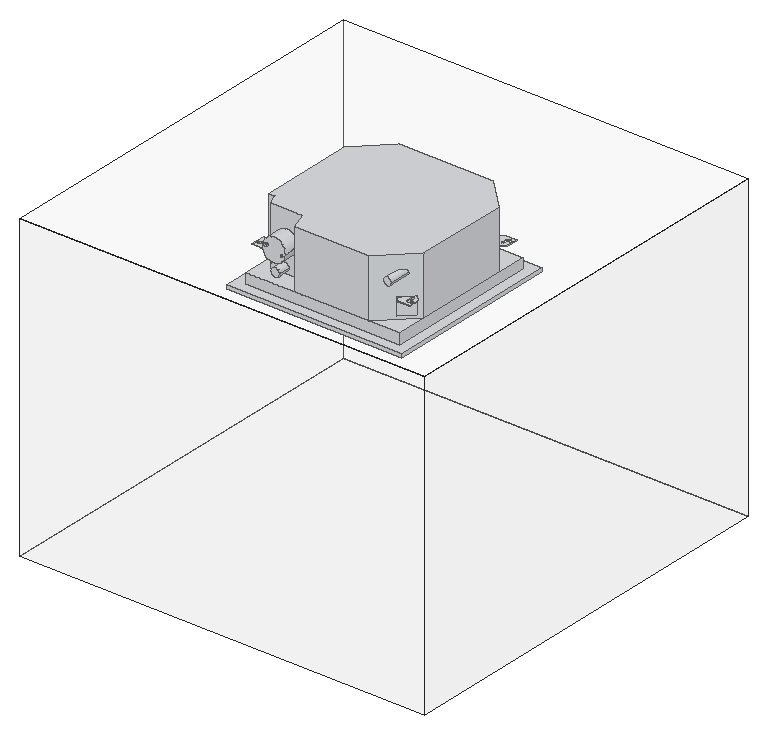
Revit family "plfy-mp22_71gm_60Hz", category 機械設備, Revit 2019
Family settings
  丸型コネクタ寸法 = 直径を使用
  パーツ タイプ = 標準
  OmniClass 番号 = 23.75.10.24.21.27.27
  OmniClass タイトル = Split System Air Conditioning Units
  作業面ベース = いいえ
  常に垂直 = はい
  ロード時にボイドで切り取り = いいえ
  共有 = いいえ
  部屋計算ポイント = はい
Parameters (values of type "天井4方向_PLFY-MP22GM")
  風量_弱 (㎥/min) = 8.5
  風量_強 (㎥/min) = 10
  風量_中2 (㎥/min) = 9
  風量_中 (㎥/min) = 9.5
  風量 = MAX風量  # 600.0 m³/h
  音響パワーレベル_強 (dB) = 50
  音響パワーレベル_弱 (dB) = 47
  音響パワーレベル_中2 (dB) = 48
  音響パワーレベル_中 (dB) = 49
  音響パワーレベル(dB) = [音響パワーレベル_強 (dB)]  # 50
  電源種別 = ""
  電源_H = 0 mm
  電圧 = 200 V
  電動機出力_送風機 = 0.05 kW
  運転質量 = 0.00 kg
  連動 = ""
  質量 = if(製品質量 > 運転質量, 製品質量, 運転質量) * 1.2  # 23.52 kg
  負荷分類 = 3_ファン類
  製品質量_本体 = 16.00 kg
  製品質量_パネル = 3.60 kg
  構成品番 = "PLFY-MP22GM"
  ドレン管径 (外径) = 32.00 mm
  ドレン管径 = 25.00 mm
  サービススペース = yes
  【値が 0 の項目は組合せ形名にてご確認ください】 = ""
  URL = "https://www.mitsubishielectric.co.jp/ldg/wink/ssl/top.do"
  説明 = "ビル用マルチ 4方向天井カセット形<コンパクトタイプ>"
  設計暖房能力 = 0.00 kW
  設計冷房能力_顕熱 = 0 kW
  設計冷房能力 = 0 kW
  設置方法 = "カセット形"
  記号 = ""
  製造元 = "三菱電機株式会社"
  製品質量 = 製品質量_本体 + 製品質量_パネル  # 19.60 kg
  製品出荷対象 = "国内"
  製品リリース年月 = ""
  製品グループ = ""
  系統 = ""
  符号 = "PAC-CK4"
  積算_科目 = "1 空気調和設備"
  積算_拾い区分 [instance] = ""
  相 = 1
  盤記号 = ""
  発停方法 = "付属スイッチ"
  特殊仕様 = ""
  火災停止 = ""
  消費電力_暖房 = 0.02 kW
  消費電力_冷房 = 0.02 kW
  消費電力 = if(消費電力_冷房 > 消費電力_暖房, 消費電力_冷房, 消費電力_暖房)  # 0.02 kW
  法定耐用年数 = "6"
  極数 = 1
  材質 = ""
  本体マテリアル = none
  有効加湿量 = 0
  暖房能力 = 2.50 kW
  推奨ブレーカー容量 = 0 A
  形式_加湿器 = ""
  形式 = "カセット形（4方向吹出形）"
  幹線記号 = ""
  始動方式 = "直入"
  呼称 = "パッケージ形空気調和機_室内機"
  周波数 = 60 Hz
  吊り位置Y = 507 mm
  吊り位置X = 640 mm
  吊りボルト_H = 134 mm
  台数_手元リモコン = ""
  台数_冷媒分岐ユニット = ""
  参照している仕様書等のバージョン = "公共建築工事標準仕様書（機械設備工事編）平成31年度版"
  分類コード = "50053003123030"
  分類グループ = ""
  冷房能力 = 2.2 kW
  冷媒管径符号 = "Ac"
  冷媒管径 = 100.00 mm
  冷媒液管高さ = 159 mm
  冷媒液管長さ = 71 mm
  冷媒液管径 = 6.35 mm
  冷媒ガス管高さ = 183 mm
  冷媒ガス管長さ = 76 mm
  冷媒ガス管径 = 12.70 mm
  企業コード = "108420"
  付属品_フィルター = ""
  付属品 = ""
  仕様書バージョン = "Version1.0"
  Model = ""
  パネルマテリアル = none
  ドレン管高さ = 227 mm
  コメント [instance] = ""
  ケーブル種類 = ""
  ケーブルサイズ = 0 mm
  Width = 670 mm
  Version = ""
  Uniclass2015Version = "Systems v1.9"
  Uniclass2015Title = "Split coil remote air cooled condensing units"
  Uniclass2015Code = "Pr_70_65_03_84"
  SpecificationReference = ""
  SpecificationDescription = ""
  Revision = ""
  ProductInformation = ""
  Panel Width = 760 mm
  Panel Height = 15 mm
  Panel Depth = 760 mm
  OmniClassCode = "23-33 17 13 11"
  MIN風量 = [風量_弱 (㎥/min)] * 60.0 m³/h  # 510.0 m³/h
  MID風量2 = [風量_中2 (㎥/min)] * 60.0 m³/h  # 540.0 m³/h
  MID風量 = [風量_中 (㎥/min)] * 60.0 m³/h  # 570.0 m³/h
  MAX風量 = [風量_強 (㎥/min)] * 60.0 m³/h  # 600.0 m³/h
  IfcTypeProduct = ""
  IfcProduct = ""
  IfcExportType = "AIRCONDITIONINGUNIT"
  IfcExportAs = "IfcUnitaryEquipmentType"
  Height = 298 mm
  Depth = 670 mm
  価格 = 0
  Clearance Top = 305 mm
  Clearance Right = 500 mm
  Clearance Left = 500 mm
  Clearance Front = 500 mm
  Clearance Bottom = 1000 mm
  Clearance Back = 500 mm
  Author = "三菱電機株式会社"
Types (6, lengths in mm): name | 風量_弱 (㎥/min) | 風量_強 (㎥/min) | 風量_中2 (㎥/min) | 風量_中 (㎥/min) | 風量 | 音響パワーレベル_強 (dB) | 音響パワーレベル_弱 (dB) | 音響パワーレベル_中2 (dB) | 音響パワーレベル_中 (dB) | 音響パワーレベル(dB) | 質量 | 製品質量_本体 | 構成品番 | 製品質量 | 消費電力_暖房 | 消費電力_冷房 | 消費電力 | 暖房能力 | 冷房能力 | 冷媒管径符号 | 冷媒液管長さ | 冷媒液管径 | 冷媒ガス管長さ | 冷媒ガス管径 | MIN風量 | MID風量2 | MID風量 | MAX風量
  天井4方向_PLFY-MP22GM | 8.5 | 10 | 9 | 9.5 | 600.0 m³/h | 50 | 47 | 48 | 49 | 50 | 23.52 kg | 16.00 kg | "PLFY-MP22GM" | 19.60 kg | 0.02 kW | 0.02 kW | 0.02 kW | 2.50 kW | 2.2 kW | "Ac" | 71 | 6.35 | 76 | 12.70 | 510.0 m³/h | 540.0 m³/h | 570.0 m³/h | 600.0 m³/h
  天井4方向_PLFY-MP28GM | 8.5 | 10 | 9 | 9.5 | 600.0 m³/h | 50 | 47 | 48 | 49 | 50 | 23.52 kg | 16.00 kg | "PLFY-MP28GM" | 19.60 kg | 0.02 kW | 0.02 kW | 0.02 kW | 3.20 kW | 2.8 kW | "Ac" | 71 | 6.35 | 76 | 12.70 | 510.0 m³/h | 540.0 m³/h | 570.0 m³/h | 600.0 m³/h
  天井4方向_PLFY-MP36GM | 9.5 | 12 | 10 | 10.5 | 720.0 m³/h | 54 | 49 | 50 | 51 | 54 | 23.52 kg | 16.00 kg | "PLFY-MP36GM" | 19.60 kg | 0.03 kW | 0.03 kW | 0.03 kW | 4.00 kW | 3.6 kW | "Ac" | 71 | 6.35 | 76 | 12.70 | 570.0 m³/h | 600.0 m³/h | 630.0 m³/h | 720.0 m³/h
  天井4方向_PLFY-MP45GM | 9.5 | 12.5 | 10 | 10.5 | 750.0 m³/h | 54 | 49 | 50 | 52 | 54 | 23.52 kg | 16.00 kg | "PLFY-MP45GM" | 19.60 kg | 0.03 kW | 0.03 kW | 0.03 kW | 5.00 kW | 4.5 kW | "Ac" | 71 | 6.35 | 76 | 12.70 | 570.0 m³/h | 600.0 m³/h | 630.0 m³/h | 750.0 m³/h
  天井4方向_PLFY-MP56GM | 10 | 13 | 11.5 | 12.5 | 780.0 m³/h | 55 | 50 | 53 | 54 | 55 | 24.72 kg | 17.00 kg | "PLFY-MP56GM" | 20.60 kg | 0.03 kW | 0.03 kW | 0.03 kW | 6.30 kW | 5.6 kW | "Ac" | 71 | 6.35 | 76 | 12.70 | 600.0 m³/h | 690.0 m³/h | 750.0 m³/h | 780.0 m³/h
  天井4方向_PLFY-MP71GM | 11 | 15 | 11.5 | 12.5 | 900.0 m³/h | 58 | 53 | 54 | 56 | 58 | 24.72 kg | 17.00 kg | "PLFY-MP71GM" | 20.60 kg | 0.04 kW | 0.04 kW | 0.04 kW | 8.00 kW | 7.1 kW | "Bd" | 75 | 9.52 | 80 | 15.88 | 660.0 m³/h | 690.0 m³/h | 750.0 m³/h | 900.0 m³/h
Reference planes
  plane 1 "中心(正面/背面)": y = 0
  plane 2: z = 0
  plane 3 "中心(左/右)": x = 0
  plane 4: x = -380
  plane 5: x = 380
  plane 6: y = 380
  plane 7: y = -380
  plane 8: z = 298
  plane 9: z = 305
  plane 10: x = -320
  plane 11: x = 320
  plane 12: y = 253.5
  plane 13: y = -253.5
  plane 14: z = 46
  plane 15: y = 335
  plane 16: y = -335
  plane 17: x = -335
  plane 18: x = 335
  plane 19: x = -880
  plane 20: x = 880
  plane 21: y = 880
  plane 22: y = -880
  plane 23: z = 298
  plane 24: z = -15
  plane 25: z = -1015
  plane 26: z = 305
  plane 27 "冷媒管基準面": y = -255
  plane 28: x = -186
  plane 29: z = 159
  plane 30: y = -331
  plane 31: y = -326
Forms (mm)
  Extrusion 1, solid, detail levels fine
    sketch origin (0, -255, 15) x (1, 0, 0) y (0, 0, 1)
      loop
        circle (-186, 144) r 3.175
    from 0 to 71
  Extrusion 2, solid, detail levels fine
    sketch origin (-67, -255, 39) x (1, 0, 0) y (0, 0, 1)
      loop
        circle (-186, 144) r 6.35
    from 0 to 76
Dimensions and locks
  equal spacing: plane 4, plane 3 "中心(左/右)", plane 5
  plane 4 to plane 5 = 760 mm
  equal spacing: plane 7, plane 1 "中心(正面/背面)", plane 6
  plane 7 to plane 6 = 760 mm
  locked: plane 12 to plane 6 at 126.5
  plane 7 to plane 13 = 126.5 mm
  plane 4 to plane 10 = 60 mm
  locked: plane 11 to plane 5 at 60
  "吊り位置X": plane 10 to plane 11
  equal spacing: plane 10, plane 3 "中心(左/右)", plane 11
  equal spacing: plane 13, plane 1 "中心(正面/背面)", plane 12
  "吊り位置Y": plane 13 to plane 12
  equal spacing: plane 16, plane 1 "中心(正面/背面)", plane 15
  "Depth": plane 16 to plane 15
  equal spacing: plane 17, plane 3 "中心(左/右)", plane 18
  "Width": plane 17 to plane 18
  locked: plane 14 to level at 46
  "Clearance Left": plane 19 to plane 4
  "Clearance Right": plane 5 to plane 20
  "Clearance Back": plane 6 to plane 21
  locked: level to plane 24 at 15
  "Clearance Bottom": plane 24 to plane 25
  "Clearance Front": plane 22 to plane 7
  "Clearance Top": plane 26 to plane 2
  "Height": level to nested 3
  plane 29 to plane 2 = 159 mm
  nested 3 to level = 134 mm
  "冷媒液管長さ": plane 31 to plane 27 "冷媒管基準面"
  "冷媒ガス管長さ": plane 30 to plane 27 "冷媒管基準面"
  aligned and locked: level to plane 2
  aligned and locked: plane 10 to nested 2
  aligned and locked: plane 11 to nested 2
  aligned and locked: nested 2 to plane 12
  aligned and locked: plane 13 to nested 2
  aligned and locked: plane 19 to nested 1
  aligned and locked: plane 20 to nested 1
  aligned and locked: plane 22 to nested 1
  aligned and locked: plane 21 to nested 1
  aligned and locked: plane 25 to nested 1
  aligned and locked: plane 5 to nested 3
  aligned and locked: plane 15 to nested 3
  aligned and locked: plane 6 to nested 3
  aligned and locked: plane 7 to nested 3
  aligned and locked: plane 26 to nested 1
  aligned and locked: plane 31 to Extrusion 1
  aligned and locked: plane 30 to Extrusion 2
Automatic sketch dimensions
  Extrusion 1 sketch curve to plane 28 = 0 mm
  Extrusion 1 sketch curve to plane 29 = 0 mm
  plane 29 to Extrusion 2 sketch curve = 24 mm
  plane 10 to Extrusion 2 sketch curve = 67 mm
  radius of Extrusion 1 sketch curve = 3.175 mm
  radius of Extrusion 2 sketch curve = 6.35 mm
Nested families
  nested 1: "サービススペース" at (0, 0, -355), visible <- "サービススペース", type "サービススペース"
    with Width 1760 mm, Height 1320 mm, Depth 1760 mm
  nested 2: "固定点" at (-320, -253.5, 0), type "固定点"
    with W 640 mm, D 507 mm
  nested 3: "PL-RP○○GA3" at (0, 0, 0), type "PL-RP○○GA3"
    with ユニット表示 yes, 液配管サイズ 6.35 mm
Connectors
  piping at (-219.5, -326, 171), diameter 100, driven by "冷媒管径", driven by "冷媒管径符号"
    settings: on nested 3, index 1, connector inside diameter 609.60 mm, connector length 0 mm, flow factor 0, pipe flow 0.0 L/s, pressure drop 0.0 Pa, fitting loss kfactor 0, connector angle 0.00°, fixture units 0, engagement length 0 mm, angle of deflection 0.00°, flow configuration 1, flow direction 1, fitting loss method 4, system type 7, joint type 0, gender type 0, connector reference index -1, connector utility 0, adjustable connector no, is connector primary yes, connector description "Ac"
  piping at (281, -332, 227), diameter 25, driven by "ドレン管径"
    settings: on nested 3, index 2, connector inside diameter 609.60 mm, connector length 0 mm, flow factor 0, pipe flow 0.0 L/s, pressure drop 0.0 Pa, fitting loss kfactor 0, connector angle 0.00°, fixture units 0, engagement length 0 mm, angle of deflection 0.00°, flow configuration 1, flow direction 2, fitting loss method 4, system type 16, joint type 0, gender type 0, connector reference index -1, connector utility 0, adjustable connector no, is connector primary no, connector description ""
  electrical at (-230, -305, 70), driven by "極数", driven by "負荷分類", driven by "電圧", driven by "消費電力"
    settings: on nested 3, index 3, voltage 200 V, apparent load 20 VA, apparent load phase1 0 VA, apparent load phase2 0 VA, apparent load phase3 0 VA, power factor 1, load classification "3_ファン類", number of poles 1, system type 30, power factor state 1, is connector primary yes, connector utility no, sub classification motor no, connector description ""
Definition of nested family "サービススペース"
  Parameters (values of type "サービススペース")
    Width [instance] = 500 mm
    Height [instance] = 500 mm
    Depth [instance] = 500 mm
  Reference planes
    plane 1 "中心(正面/背面)": y = 0
    plane 2: z = 0
    plane 3 "中心(左/右)": x = 0
    plane 4: y = -250
    plane 5: x = 250
    plane 6: y = 250
    plane 7: x = -250
    plane 8: z = 250
    plane 9: z = -250
  Forms (mm)
    Extrusion 1, solid
      sketch origin (-638.939, 0, 72.39) x (1, 0, 0) y (0, 1, 0)
        loop
          line (388.939, 250) -> (388.939, -250) -> (888.939, -250) -> (888.939, 250) -> (388.939, 250)
      from -322.39 to 177.61
  Lines and regions (mm)
    symbolic lines
      curve 1: line (-250, 0, 250) -> (250, 0, 250)
      curve 2: line (-250, 0, -250) -> (-250, 0, 250)
      curve 3: line (250, 0, -250) -> (-250, 0, -250)
      curve 4: line (250, 0, 250) -> (250, 0, -250)
      curve 5: line (0, -250, 250) -> (0, 250, 250)
      curve 6: line (0, -250, -250) -> (0, -250, 250)
      curve 7: line (0, 250, -250) -> (0, -250, -250)
      curve 8: line (0, 250, 250) -> (0, 250, -250)
      curve 9: line (-250, 250, 0) -> (250, 250, 0)
      curve 10: line (-250, -250, 0) -> (-250, 250, 0)
      curve 11: line (250, -250, 0) -> (-250, -250, 0)
      curve 12: line (250, 250, 0) -> (250, -250, 0)
  Dimensions and locks
    equal spacing: plane 7, plane 3 "中心(左/右)", plane 5
    equal spacing: plane 4, plane 1 "中心(正面/背面)", plane 6
    "Depth": plane 4 to plane 6
    "Width": plane 7 to plane 5
    equal spacing: plane 8, plane 2, plane 9
    "Height": plane 8 to plane 9
    aligned and locked: plane 9 to curve 3
    aligned and locked: plane 7 to curve 2
    aligned and locked: curve 4 to plane 5
    aligned and locked: plane 5 to Extrusion 1
    aligned and locked: Extrusion 1 to plane 7
    aligned and locked: Extrusion 1 to plane 9
    aligned and locked: plane 8 to Extrusion 1
    aligned and locked: plane 9 to curve 7
  Automatic sketch dimensions
    plane 4 to Extrusion 1 sketch curve = 0 mm
    Extrusion 1 sketch curve to plane 7 = 0 mm
    Extrusion 1 sketch curve to plane 5 = 0 mm
    plane 6 to Extrusion 1 sketch curve = 0 mm
    curve 2 to plane 8 = 0 mm
    plane 4 to curve 11 = 0 mm
    curve 11 to plane 7 = 0 mm
    curve 11 to plane 5 = 0 mm
    plane 6 to curve 10 = 0 mm
    curve 7 to plane 4 = 0 mm
    curve 7 to plane 6 = 0 mm
    curve 6 to plane 8 = 0 mm
Definition of nested family "PL-RP○○GA3"
  Parameters (values of type "PL-RP○○GA3")
    配線取出口サイズ = 36 mm
    配線取出口-Z = 70 mm
    配線取出口-Y = 50 mm
    配線取出口-X = 230 mm
    液配管サイズ = 6.4 mm
    A = 幅さ + 90 mm  # 760 mm
    高さ = 298 mm
    奥行き = 670 mm
    吊りボルト_H = 134 mm
    冷媒配管 = 100 mm
    冷媒液管径-Z = 159 mm
    冷媒液管径-Y = 71 mm
    冷媒液管径-X = 186 mm
    冷媒ガス管径-Z = 183 mm
    冷媒ガス管径-Y = 76 mm
    冷媒ガス管径-X = 253 mm
    ユニット表示 [instance] = yes
    ボルトピッチ = 507 mm
    ドレン配管サイズ = 32 mm
    ドレン管径-Z = 227 mm
    ドレン管径-Y = 77 mm
    ドレン管径-X = 281 mm
    ガス配管サイズ = 12.7 mm
    D = 幅さ - 30 mm  # 640 mm
    幅さ = 670 mm
    B = 幅さ + 40 mm  # 710 mm
  Reference planes
    plane 1 "中心(正面/背面)": y = 0
    plane 2: z = 0
    plane 3 "中心(左/右)": x = 0
    plane 4: x = -355
    plane 5: x = 355
    plane 6: x = -335
    plane 7: x = 335
    plane 8: x = -320
    plane 9: x = 320
    plane 10: y = 253.5
    plane 11: y = -253.5
    plane 12: y = 335
    plane 13: y = -335
    plane 14: x = -380
    plane 15: x = 380
    plane 16: z = -15
    plane 17: z = 46
    plane 18: z = 298
    plane 19: z = 134
    plane 20: z = 136
    plane 21: z = 227
    plane 22: z = 159
    plane 23: z = 183
    plane 24: z = 60
    plane 25: y = 380
    plane 26: y = -380
    plane 27: x = -253
    plane 28: x = -150
    plane 29: x = -123
    plane 30: x = -186
    plane 31: x = 281
    plane 32: x = 202
    plane 33: y = -255
    plane 34: y = -207
    plane 35: y = -331
    plane 36: y = -326
    plane 37 "ドレン管接続口": y = -332
    plane 38: y = -202
    plane 39: y = 291.5
    plane 40: y = 275.5
    plane 41: y = 263.5
    plane 42: x = -326
    plane 43: x = -314
    plane 44: x = -343
    plane 45: x = 314
    plane 46: x = 326
    plane 47: x = 343
    plane 48: y = -291.5
    plane 49: y = -275.5
    plane 50: y = -263.5
    plane 51: x = -230
    plane 52: y = 202
    plane 53: x = -202
    plane 54: z = 70
    plane 55: y = -305
  Forms (mm)
    Extrusion 1, solid, visible <- "ユニット表示"
      sketch origin (0, 0, 0) x (1, 0, 0) y (0, 1, 0)
        loop
          line (-380, 380) -> (-380, -380) -> (380, -380) -> (380, 380) -> (-380, 380)
      from -15 to 0
    Extrusion 2, solid, visible <- "ユニット表示", detail levels fine
      sketch origin (0, 0, 0) x (1, 0, 0) y (0, 1, 0)
        loop
          line (-203.39, 335) -> (-335, 203.39) -> (-335, -207) -> (-309.258, -207) -> (-288.883, -255) -> (-150, -255) -> (-123.033, -335) -> (202, -335) -> (335, -202) -> (335, 203.39) -> (203.39, 335) -> (-203.39, 335)
      from 46 to 298
    Extrusion 3, solid, visible <- "ユニット表示", detail levels fine
      sketch origin (0, 0, 0) x (1, 0, 0) y (0, 1, 0)
        loop
          line (335, 335) -> (-335, 335) -> (-335, -335) -> (335, -335) -> (335, 335)
      from 0 to 46
    Extrusion 4, solid, visible <- "ユニット表示", detail levels fine
      sketch origin (0, 0, 0) x (1, 0, 0) y (0, 0, 1)
        loop
          circle (-219.5, 171) r 50
      from 255 to 326
    Extrusion 5, solid, visible <- "ユニット表示", detail levels fine
      sketch origin (0, 0, 0) x (1, 0, 0) y (0, 1, 0)
        loop
          line (-343, -291.5) -> (-300.314, -291.5) -> (-290.686, -250.751) -> (-306.998, -212.324) -> (-343, -227.606) -> (-343, -263.5) -> (-329, -263.5)
          arc (-329, -263.5) -> (-326.879, -262.621) -> (-326, -260.5) r 3
          line (-326, -260.5) -> (-326, -249.5)
          arc (-326, -249.5) -> (-320, -243.5) -> (-314, -249.5) r 6
          line (-314, -249.5) -> (-314, -269.478)
          arc (-314, -269.478) -> (-315.757, -273.721) -> (-320, -275.5) r 6
          line (-320, -275.5) -> (-343, -275.5) -> (-343, -291.5)
        loop
          line (-343, 275.5) -> (-320, 275.5)
          arc (-320, 275.5) -> (-315.757, 273.743) -> (-314, 269.5) r 6
          line (-314, 269.5) -> (-314, 249.5)
          arc (-314, 249.5) -> (-320, 243.5) -> (-326, 249.5) r 6
          line (-326, 249.5) -> (-326, 260.5)
          arc (-326, 260.5) -> (-326.879, 262.621) -> (-329, 263.5) r 3
          line (-329, 263.5) -> (-343, 263.5) -> (-343, 244.959) -> (-318.215, 220.175) -> (-270.214, 268.176) -> (-293.539, 291.5) -> (-343, 291.5) -> (-343, 275.5)
        loop
          line (343, 291.5) -> (293.539, 291.5) -> (270.214, 268.176) -> (318.215, 220.175) -> (343, 244.959) -> (343, 263.5) -> (329, 263.5)
          arc (329, 263.5) -> (326.879, 262.621) -> (326, 260.5) r 3
          line (326, 260.5) -> (326, 249.5)
          arc (326, 249.5) -> (320, 243.5) -> (314, 249.5) r 6
          line (314, 249.5) -> (314, 269.5)
          arc (314, 269.5) -> (315.757, 273.743) -> (320, 275.5) r 6
          line (320, 275.5) -> (343, 275.5) -> (343, 291.5)
        loop
          line (293.539, -291.5) -> (343, -291.5) -> (343, -275.5) -> (320, -275.5)
          arc (320, -275.5) -> (315.757, -273.743) -> (314, -269.5) r 6
          line (314, -269.5) -> (314, -249.5)
          arc (314, -249.5) -> (320, -243.5) -> (326, -249.5) r 6
          line (326, -249.5) -> (326, -260.5)
          arc (326, -260.5) -> (326.879, -262.621) -> (329, -263.5) r 3
          line (329, -263.5) -> (343, -263.5) -> (343, -244.959) -> (317.52, -219.48) -> (269.519, -267.481) -> (293.539, -291.5)
      from 134 to 136
    Extrusion 6, solid, visible <- "ユニット表示", detail levels fine
      sketch origin (0, 0, 0) x (1, 0, 0) y (0, 1, 0)
        loop
          line (-306.998, -212.324) -> (-308.839, -213.105) -> (-291.463, -254.04) -> (-289.622, -253.258) -> (-306.998, -212.324)
        loop
          line (-271.629, 269.59) -> (-319.63, 221.589) -> (-318.245, 220.204) -> (-270.244, 268.205) -> (-271.629, 269.59)
        loop
          line (271.629, 269.59) -> (270.244, 268.205) -> (318.245, 220.204) -> (319.63, 221.589) -> (271.629, 269.59)
        loop
          line (270.934, -268.895) -> (318.935, -220.894) -> (317.52, -219.48) -> (269.519, -267.481) -> (270.934, -268.895)
      from 60 to 136
    Extrusion 7, solid, visible <- "ユニット表示", detail levels fine
      sketch origin (0, 0, 0) x (1, 0, 0) y (0, 0, 1)
        loop
          circle (-230, 70) r 18
      from 255 to 305
    Extrusion 8, solid, detail levels fine
      sketch origin (0, -332, 0) x (-1, 0, 0) y (0, 0, 1)
        loop
          circle (-281, 227) r 16
      from 0 to 100
  Cuts and joins
    joined: Extrusion 5, Extrusion 6
  Dimensions and locks
    equal spacing: plane 4, plane 3 "中心(左/右)", plane 5
    "B": plane 4 to plane 5
    equal spacing: plane 6, plane 3 "中心(左/右)", plane 7
    "幅さ": plane 6 to plane 7
    equal spacing: plane 8, plane 3 "中心(左/右)", plane 9
    "D": plane 8 to plane 9
    equal spacing: plane 11, plane 1 "中心(正面/背面)", plane 10
    "ボルトピッチ": plane 10 to plane 11
    equal spacing: plane 12, plane 1 "中心(正面/背面)", plane 13
    "奥行き": plane 12 to plane 13
    "A": plane 14 to plane 15
    equal spacing: plane 14, plane 3 "中心(左/右)", plane 15
    locked: plane 2 to plane 16 at 15
    locked: plane 17 to plane 2 at 46
    "吊りボルト_H": plane 19 to level
    locked: plane 20 to plane 19 at 2
    "ドレン管径-Z": plane 21 to level
    "冷媒液管径-Z": plane 22 to level
    "冷媒ガス管径-Z": plane 23 to level
    plane 24 to level = 60 mm
    equal spacing: plane 25, plane 1 "中心(正面/背面)", plane 26
    "A": plane 25 to plane 26
    locked: plane 6 to plane 28 at 185
    locked: plane 6 to plane 29 at 212
    locked: plane 32 to plane 7 at 133
    "冷媒ガス管径-X": plane 27 to plane 3 "中心(左/右)"
    "冷媒液管径-X": plane 30 to plane 3 "中心(左/右)"
    "ドレン管径-X": plane 3 "中心(左/右)" to plane 31
    locked: plane 33 to plane 13 at 80
    locked: plane 34 to plane 13 at 128
    "冷媒ガス管径-Y": plane 33 to plane 35
    "冷媒液管径-Y": plane 33 to plane 36
    "ドレン管径-Y": plane 33 to plane 37 "ドレン管接続口"
    locked: plane 38 to plane 13 at 133
    equal spacing: plane 30, Extrusion 4 sketch curve, plane 27
    equal spacing: plane 23, Extrusion 4 sketch curve, plane 22
    locked: plane 44 to plane 8 at 23
    plane 42 to plane 8 to plane 43 = 6 mm locked, 6 mm locked
    locked: plane 9 to plane 47 at 23
    plane 45 to plane 9 to plane 46 = 6 mm locked, 6 mm locked
    plane 11 to plane 50 to plane 49 to plane 48 = 10 mm locked, 12 mm locked, 16 mm locked
    plane 39 to plane 40 to plane 41 to plane 10 = 16 mm locked, 12 mm locked, 10 mm locked
    locked: Extrusion 5 sketch curve to plane 11 at 4  (x2)
    locked: plane 10 to Extrusion 5 sketch curve at 4  (x2)
    "配線取出口-X": plane 51 to plane 3 "中心(左/右)"
    "配線取出口-Z": plane 54 to level
    "配線取出口-Y": plane 33 to plane 55
    locked: cut or joined group of Extrusion 5, Extrusion 6 to Extrusion 6 sketch curve at 2
    locked: Extrusion 6 sketch curve to Extrusion 2 at 2  (x3)
    "高さ": plane 18 to level
    "冷媒配管": diameter of Extrusion 4 sketch curve
    radius of Extrusion 5 sketch curve = 6 mm  (x8)
    radius of Extrusion 5 sketch curve = 3 mm  (x4)
    "配線取出口サイズ": diameter of Extrusion 7 sketch curve
    aligned and locked: level to plane 2
    aligned and locked: Extrusion 1 sketch curve to plane 25
    aligned and locked: plane 14 to Extrusion 1 sketch curve
    aligned and locked: plane 26 to Extrusion 1 sketch curve
    aligned and locked: Extrusion 1 sketch curve to plane 15
    aligned and locked: level to Extrusion 1
    aligned and locked: Extrusion 1 to plane 16
    aligned and locked: plane 18 to Extrusion 2
    aligned and locked: Extrusion 2 to plane 17
    aligned and locked: Extrusion 3 sketch curve to plane 7
    aligned and locked: Extrusion 3 sketch curve to plane 13
    aligned and locked: Extrusion 3 sketch curve to plane 6
    aligned and locked: Extrusion 3 sketch curve to plane 12
    aligned and locked: Extrusion 3 to level
    aligned and locked: plane 17 to Extrusion 3
    aligned and locked: plane 28 to Extrusion 2 sketch curve
    aligned and locked: plane 34 to Extrusion 2 sketch curve
    aligned and locked: Extrusion 2 sketch curve to plane 13
    aligned and locked: Extrusion 2 sketch curve to plane 7
    aligned and locked: Extrusion 2 sketch curve to plane 12
    aligned and locked: Extrusion 2 sketch curve to plane 6
    aligned and locked: plane 7 to Extrusion 2 sketch curve
    aligned and locked: plane 38 to Extrusion 2 sketch curve
    aligned and locked: plane 32 to Extrusion 2 sketch curve
    aligned and locked: plane 13 to Extrusion 2 sketch curve
    aligned and locked: plane 44 to Extrusion 5 sketch curve  (x2)
    aligned and locked: Extrusion 5 sketch curve to plane 50
    aligned and locked: plane 49 to Extrusion 5 sketch curve
    aligned and locked: Extrusion 5 sketch curve to plane 48
    aligned and locked: plane 43 to Extrusion 5 sketch curve
    aligned and locked: plane 42 to Extrusion 5 sketch curve  (x2)
    aligned and locked: Extrusion 6 to plane 24
    aligned and locked: plane 20 to Extrusion 6
    aligned and locked: plane 39 to Extrusion 5 sketch curve  (x2)
    aligned and locked: Extrusion 5 sketch curve to plane 44  (x2)
    aligned and locked: plane 41 to Extrusion 5 sketch curve  (x2)
    aligned and locked: Extrusion 5 sketch curve to plane 40  (x2)
    aligned and locked: Extrusion 5 sketch curve to plane 43
    aligned and locked: Extrusion 5 sketch curve to Extrusion 2  (x3)
    aligned and locked: plane 47 to Extrusion 5 sketch curve  (x4)
    aligned and locked: plane 45 to Extrusion 5 sketch curve  (x2)
    aligned and locked: Extrusion 5 sketch curve to plane 46  (x2)
    aligned and locked: plane 50 to Extrusion 5 sketch curve
    aligned and locked: plane 48 to Extrusion 5 sketch curve
    aligned and locked: Extrusion 5 sketch curve to plane 49
    aligned and locked: plane 51 to Extrusion 7 sketch curve
    aligned and locked: plane 54 to Extrusion 7 sketch curve
    aligned and locked: Extrusion 7 to Extrusion 2
    aligned and locked: plane 55 to Extrusion 7
    aligned and locked: cut or joined group of Extrusion 5, Extrusion 6 to cut or joined group of Extrusion 5, Extrusion 6  (x2)
    aligned and locked: Extrusion 6 sketch curve to cut or joined group of Extrusion 5, Extrusion 6  (x3)
    aligned and locked: cut or joined group of Extrusion 5, Extrusion 6 to Extrusion 6 sketch curve  (x2)
    aligned and locked: Extrusion 2 to Extrusion 6 sketch curve
    aligned and locked: cut or joined group of Extrusion 5, Extrusion 6 to plane 19
    aligned and locked: plane 20 to cut or joined group of Extrusion 5, Extrusion 6
    aligned and locked: Extrusion 4 to plane 36
  Automatic sketch dimensions
    Extrusion 2 sketch curve to plane 33 = 0 mm
    plane 43 to Extrusion 2 sketch curve = 4.742 mm
    plane 43 to Extrusion 2 sketch curve = 25.117 mm
    Extrusion 2 sketch curve to plane 30 = 17.39 mm
    Extrusion 2 sketch curve to plane 29 = 0.033 mm
    plane 32 to Extrusion 2 sketch curve = 1.39 mm
    Extrusion 2 sketch curve to plane 10 = 50.11 mm  (x2)
    Extrusion 5 sketch curve to plane 8 = 0 mm
    Extrusion 5 sketch curve to plane 8 = 13.002 mm
    Extrusion 5 sketch curve to plane 43 = 13.686 mm
    plane 50 to Extrusion 5 sketch curve = 12.749 mm
    Extrusion 5 sketch curve to Extrusion 5 sketch curve = 9.627 mm
    Extrusion 5 sketch curve to plane 50 = 5.978 mm
    plane 34 to Extrusion 5 sketch curve = 20.606 mm
    plane 8 to Extrusion 6 sketch curve = 1.755 mm
    Extrusion 6 sketch curve to plane 11 = 0.54 mm
    Extrusion 6 sketch curve to Extrusion 6 sketch curve = 1.385 mm
    Extrusion 6 sketch curve to plane 49 = 6.605 mm
    Extrusion 6 sketch curve to plane 9 = 2.48 mm
    Extrusion 6 sketch curve to Extrusion 6 sketch curve = 1.414 mm
    Extrusion 5 sketch curve to plane 8 = 1.785 mm
    Extrusion 5 sketch curve to plane 41 = 4.676 mm  (x2)
    plane 9 to Extrusion 5 sketch curve = 1.785 mm
    Extrusion 5 sketch curve to plane 50 = 3.981 mm
    plane 9 to Extrusion 5 sketch curve = 2.48 mm
    Extrusion 8 sketch curve to plane 21 = 0 mm
    Extrusion 8 sketch curve to plane 31 = 0 mm
    radius of Extrusion 8 sketch curve = 16 mm
Definition of nested family "固定点"
  Parameters (values of type "固定点")
    中心円 = 20 mm
    W [instance] = 1000 mm
    D [instance] = 1000 mm
  Reference planes
    plane 1 "中心(正面/背面)": y = 0
    plane 2: z = 0
    plane 3 "中心(左/右)": x = 0
    plane 4: x = 1000
    plane 5: y = 1000
  Lines and regions (mm)
    symbolic lines, detail levels fine
      curve 1: circle (0, 1000, 0) r 10 normal (0, 0, 1)
      curve 2: circle (0, 0, 0) r 10 normal (0, 0, 1)
      curve 3: circle (1000, 1000, 0) r 10 normal (0, 0, 1)
      curve 4: circle (1000, 0, 0) r 10 normal (0, 0, 1)
      curve 5: line (-200, 1000, 0) -> (1200, 1000, 0)
      curve 6: line (-200, 0, 0) -> (1200, 0, 0)
      curve 7: line (0, 1200, 0) -> (0, -200, 0)
      curve 8: line (1000, 1200, 0) -> (1000, -200, 0)
  Dimensions and locks
    "W": plane 3 "中心(左/右)" to plane 4
    "D": plane 1 "中心(正面/背面)" to plane 5
    "中心円": diameter of curve 1
    "中心円": diameter of curve 2
    "中心円": diameter of curve 3
    "中心円": diameter of curve 4
    aligned and locked: level to plane 2
    aligned and locked: plane 5 to curve 1
    aligned and locked: plane 3 "中心(左/右)" to curve 1
    aligned and locked: plane 3 "中心(左/右)" to curve 2
    aligned and locked: plane 1 "中心(正面/背面)" to curve 2
    aligned and locked: plane 4 to curve 3
    aligned and locked: plane 5 to curve 3
    aligned and locked: plane 1 "中心(正面/背面)" to curve 4
    aligned and locked: plane 4 to curve 4
    aligned and locked: plane 1 "中心(正面/背面)" to curve 6
    aligned and locked: curve 7 to plane 3 "中心(左/右)"
    aligned and locked: curve 8 to plane 4
  Automatic sketch dimensions
    curve 5 to plane 5 = 0 mm
    curve 6 to plane 3 "中心(左/右)" = 200 mm
    curve 5 to plane 3 "中心(左/右)" = 200 mm
    curve 4 to curve 6 = 200 mm
    curve 3 to curve 5 = 200 mm
    plane 1 "中心(正面/背面)" to curve 8 = 200 mm
    plane 1 "中心(正面/背面)" to curve 7 = 200 mm
    curve 3 to curve 8 = 200 mm
    curve 1 to curve 7 = 200 mm
